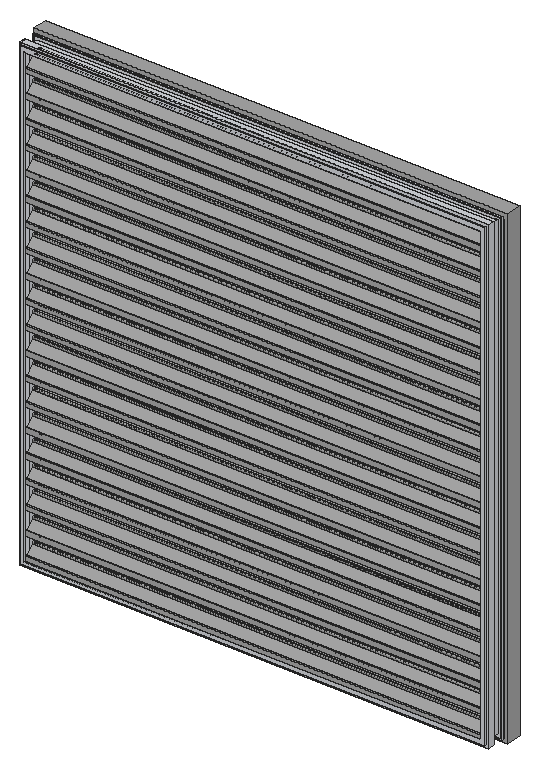
Revit family
Parameters
  Weight = "4 lb/sq.ft."  # constant formula
  Warranty = "All materials and workmanship are warranted for a period of 1 year from date of completion."  # constant formula
  URL = "http://www.industriallouvers.com"
  Surface Finish = "Aluminum, Anodized, or Kynar finish"  # constant formula
  Support Material = Aluminum
  Subcategory = "Thinline"  # constant formula
  Static Pressure Loss = ".15\" of water gage @ an air flow of 1029.5 FPM free area velocity"
  Specifications  URL = "http://www.industriallouvers.com/downloads/Thinline/258_SD.doc"
  Screen Width [instance] = Louver Width - 0' 0 1/2"  # 3' - 11 1/2"
  Screen Material = Screen Material
  Screen Height [instance] = Louver Height - 0' 0 1/2"  # 3' - 11 1/2"
  SMARTBIM URL = "http://www.SMARTBIM.com"
  SMARTBIM Object Version = 3  # constant formula
  SMARTBIM Object Created By = "SMARTBIM, LLC"  # constant formula
  SMARTBIM Contact = "mailto:SMARTBIM@SMARTBIM.com"
  Product Submittal URL = "http://www.industriallouvers.com/downloads/Thinline/258_PS.pdf"
  Product Page URL = "http://www.industriallouvers.com/lv_thin.php"
  Number of Blades [instance] = (Louver Height - 0' 8 5/8") / 0' 6"  # 7
  Model = "258"  # constant formula
  Minimum Height = 0' - 8"  # constant formula
  Maximum Water Penetration = ".01 oz at an air flow of 736.2 FPM"  # constant formula
  Maximum Size - Single Section [instance] = "One dimension not to exceed 78\" or 300 lbs"
  Material = "Aluminum"  # constant formula
  Manufacturer Toll Free Phone = "1-800-328-3421"  # constant formula
  Manufacturer Phone = "763-972-2981"  # constant formula
  Manufacturer Fax = "763-972-2911"  # constant formula
  Manufacturer Email = "mailto:ilinfo@industriallouvers.com"
  Manufacturer Address = "511 S. 7th Street, Delano, MN 55328"  # constant formula
  Manufacturer = "Industrial Louvers, Inc."  # constant formula
  Maintenance = "http://www.industriallouvers.com/prod-forms/Maintenance%20Instructions.pdf"
  Louver Width [instance] = 4' - 0"
  Louver Height [instance] = 4' - 0"
  Installation URL = "http://www.industriallouvers.com/downloads/Thinline/258_II.pdf"
  Height [instance] = if(Louver Height < 1' 6", 1' 6", Louver Height + 0' 0 1/8")  # 4' - 0 1/8"
  Free Area for 48”x48” Louver = "56.3%"  # constant formula
  Free Area (ft²) for 48" x 48" Louver = "9.01"  # constant formula
  Frame Material = Aluminum
  Fill Material = Product Filling
  Description = "Thinline"  # constant formula
  Depth = 0' - 2"  # constant formula
  Default Elevation = 4' - 0"
  Cost Info = "Contact Factory"  # constant formula
  CAD Drawings = "http://www.industriallouvers.com/downloads/Thinline/258_ACD.dwg"
  Blade Width [instance] = Louver Width - 0' 1 1/2"  # 3' - 10 1/2"
  Blade Start Height [instance] = 0' 1" + (((Louver Height - Blade Region Height) / 2) / 2) - 0' 0 5/64"  # -1' - 3 37/64"
  Blade Region Height [instance] = (Blade Count) * 0' 6" - 0' 6"  # 9' - 6"
  Blade Material = Aluminum
  Blade Count [instance] = if(((Louver Height - 0' 5 1/2") / 0' 5") < 2, 2, ((Louver Height - 0' 8 5/8") / 0' 2"))  # 20
  Assembly Code = "B2010300"
  95 CSI = "10200"  # constant formula
  04 CSI = "08 91 00"  # constant formula
Reference planes (in)
  plane 1 "Center (Front/Back)": y = 1
  plane 2: z = 0
  plane 3 "Center (Left/Right)": x = 0
  plane 4: x = -24.2
  plane 5 "Back of Blade": y = 2
  plane 6: z = 1.01953
  plane 7: z = 47.78854
  plane 8: z = 48.47554
  plane 9 "Back of Screen": y = 2.345
  plane 10: y = 2.47
  plane 11: y = 3.845
  plane 12 "Front of Louver": y = 0
  plane 13: z = 24.30027
  plane 14: x = -23.25
  plane 15: y = 0
  plane 16: z = 24.30027
  plane 17: z = 0.25
  plane 18: z = 45.25729
  plane 19: z = 47.55027
  plane 20: x = -24
  plane 21: z = 0.30027
  plane 22: z = 48.30027
  plane 23: x = 24.2
  plane 24: x = 23.25
  plane 25: x = 24
  plane 26: z = 0.30027
Forms (in)
  Sweep 1, solid, material "Aluminum" <- "Support Material"
    path origin (0, 1, 0) x (1, 0, 0) y (0, 0, 1)
      loop
        line (-24.2, 48.47554) -> (-24.2, 0) -> (24.2, 0) -> (24.2, 48.47554) -> (-24.2, 48.47554)
    profile origin (0, 1, 48.47554) x (0, 0, 1) y (0, -1, 0)
      loop
        line (-1.5, -1.345) -> (-1.5, -1.47) -> (-0.125, -1.47) -> (-0.125, -2.845) -> (0, -2.845) -> (0, -1.345) -> (-1.5, -1.345)
  Sweep 2, solid
    path origin (0, 1, 0) x (1, 0, 0) y (0, 0, 1)
      loop
        line (-24, 48.30027) -> (-24, 0.30027) -> (24, 0.30027) -> (24, 48.30027) -> (-24, 48.30027)
    profile origin (0, 1, 48.30027) x (0, 0, 1) y (0, -1, 0)
      loop
        line (-0.57473, -1) -> (-0.07473, -1) -> (-0.07473, -0.875) -> (-0.13773, -0.875) -> (-0.13773, -0.937) -> (-0.51173, -0.937) -> (-0.51173, 0.125) -> (-0.07473, 0.125) -> (-0.07473, 0.75) -> (-0.32473, 0.75) -> (-0.32473, 1) -> (-0.69973, 1) -> (-0.69973, 0.937) -> (-0.38773, 0.937) -> (-0.38773, 0.687) -> (-0.13773, 0.687) -> (-0.13773, 0.188) -> (-0.57473, 0.188) -> (-0.57473, -1)
Dimensions and locks (in)
  plane 6 to level = 0' - 1 5/256"
  locked: plane 11 to plane 9 "Back of Screen" at 1.5
  locked: plane 10 to plane 9 "Back of Screen" at 0.125
  locked: plane 9 "Back of Screen" to plane 5 "Back of Blade" at 0.345
  locked: plane 4 to plane 14 at 0.95
  locked: plane 17 to level at 0.25
  locked: plane 7 to plane 18 at 2.53125
  equal spacing: group 1, group 3, group 4, group 5, group 6, group 7, group 8, group 9, group 10, group 11, group 12, group 13, group 14, group 15, group 16, group 17, group 18, group 19, group 20, group 2  (x3)
  nested 4 to plane 6 = 0' - 2.3508"
  locked: plane 8 to plane 19 at 0.92527
  locked: plane 4 to plane 20 at 0.2
  locked: plane 22 to plane 8 at 0.17527
  locked: plane 21 to plane 6 at 0.71926
  "Louver Height": plane 21 to plane 22
  equal spacing: plane 21, plane 16, plane 22
  locked: plane 23 to plane 24 at 0.95
  locked: plane 23 to plane 25 at 0.2
  equal spacing: plane 20, plane 3 "Center (Left/Right)", plane 25
  "Louver Width": plane 20 to plane 25
  equal spacing: plane 5 "Back of Blade", plane 1 "Center (Front/Back)", plane 15
  "Depth": plane 5 "Back of Blade" to plane 15
  locked: plane 26 to level at 0.30027
  locked: plane 7 to plane 19 at 0.23827
  aligned and locked: Sweep 1 sketch curve to plane 8
  aligned and locked: Sweep 1 sketch curve to level
  aligned and locked: Sweep 1 sketch curve to plane 4
  aligned and locked: Sweep 1 to plane 9 "Back of Screen"
  aligned and locked: nested 1 to plane 9 "Back of Screen"
  aligned and locked: nested 1 to plane 5 "Back of Blade"
  aligned and locked: plane 3 "Center (Left/Right)" to nested 1
  aligned and locked: plane 16 to plane 13
  aligned and locked: plane 17 to nested 1
  aligned and locked: plane 3 "Center (Left/Right)" to nested 2
  aligned and locked: plane 6 to nested 2
  aligned and locked: nested 2 to plane 5 "Back of Blade"
  aligned and locked: nested 3 to plane 5 "Back of Blade"
  aligned and locked: plane 23 to Sweep 1 sketch curve
  aligned and locked: plane 12 "Front of Louver" to plane 15
  aligned and locked: plane 20 to Sweep 2 sketch curve
  aligned and locked: plane 22 to Sweep 2 sketch curve
  aligned and locked: plane 26 to Sweep 2 sketch curve
  aligned and locked: Sweep 2 sketch curve to plane 25
  aligned and locked: plane 7 to nested 3
Automatic sketch dimensions
  profile plane to Sweep 1 sketch curve = 0' - 0"
  Sweep 1 sketch curve to Sweep 1 sketch curve = 0' - 0 1/8"  (x2)
  Sweep 1 sketch curve to Sweep 1 sketch curve = 0' - 1 3/8"  (x2)
  Sweep 1 sketch curve to plane 1 "Center (Front/Back)" = 0' - 2.845"
  profile plane to Sweep 2 sketch curve = 0' - 0.69973"
  profile plane to Sweep 2 sketch curve = 0' - 0.57473"
  Sweep 2 sketch curve to Sweep 2 sketch curve = 0' - 0.063"  (x7)
  Sweep 2 sketch curve to Sweep 2 sketch curve = 0' - 0.312"
  profile plane to Sweep 2 sketch curve = 0' - 0.13773"  (x2)
  profile plane to Sweep 2 sketch curve = 0' - 0.07473"
  Sweep 2 sketch curve to plane 1 "Center (Front/Back)" = 0' - 1"
  Sweep 2 sketch curve to Sweep 2 sketch curve = 0' - 0.062"
  plane 1 "Center (Front/Back)" to Sweep 2 sketch curve = 0' - 0 1/8"
  Sweep 2 sketch curve to Sweep 2 sketch curve = 0' - 0.499"
  Sweep 2 sketch curve to Sweep 2 sketch curve = 0' - 0.187"
Nested families (in)
  nested 1: "Louver Screen" at (18, 2, 0.25), Height <- "Screen Height", Width <- "Screen Width", type "Louver Screen"
    with Width 3' - 11 1/2", Height 3' - 11 1/2", Depth 0' - 0.345"
  nested 2: "Louver-Blade_258_IndustrialLouver" at (0, 2, 1.01953), type "Louver-Blade_258_IndustrialLouver"
  nested 3: "Louver-Blade_258_IndustrialLouver" at (0, 2, 45.68475), type "Louver-Blade_258_IndustrialLouver"
  nested 4: "Louver-Blade_258_IndustrialLouver" at (0, 2, 3.37033), type "Louver-Blade_258_IndustrialLouver"
  nested 5: "Louver-Blade_258_IndustrialLouver" at (0, 2, 5.72113), type "Louver-Blade_258_IndustrialLouver"
  nested 6: "Louver-Blade_258_IndustrialLouver" at (0, 2, 8.07193), type "Louver-Blade_258_IndustrialLouver"
  nested 7: "Louver-Blade_258_IndustrialLouver" at (0, 2, 10.42273), type "Louver-Blade_258_IndustrialLouver"
  nested 8: "Louver-Blade_258_IndustrialLouver" at (0, 2, 12.77354), type "Louver-Blade_258_IndustrialLouver"
  nested 9: "Louver-Blade_258_IndustrialLouver" at (0, 2, 15.12434), type "Louver-Blade_258_IndustrialLouver"
  nested 10: "Louver-Blade_258_IndustrialLouver" at (0, 2, 17.47514), type "Louver-Blade_258_IndustrialLouver"
  nested 11: "Louver-Blade_258_IndustrialLouver" at (0, 2, 19.82594), type "Louver-Blade_258_IndustrialLouver"
  nested 12: "Louver-Blade_258_IndustrialLouver" at (0, 2, 22.17674), type "Louver-Blade_258_IndustrialLouver"
  nested 13: "Louver-Blade_258_IndustrialLouver" at (0, 2, 24.52754), type "Louver-Blade_258_IndustrialLouver"
  nested 14: "Louver-Blade_258_IndustrialLouver" at (0, 2, 26.87834), type "Louver-Blade_258_IndustrialLouver"
  nested 15: "Louver-Blade_258_IndustrialLouver" at (0, 2, 29.22915), type "Louver-Blade_258_IndustrialLouver"
  nested 16: "Louver-Blade_258_IndustrialLouver" at (0, 2, 31.57995), type "Louver-Blade_258_IndustrialLouver"
  nested 17: "Louver-Blade_258_IndustrialLouver" at (0, 2, 33.93075), type "Louver-Blade_258_IndustrialLouver"
  nested 18: "Louver-Blade_258_IndustrialLouver" at (0, 2, 36.28155), type "Louver-Blade_258_IndustrialLouver"
  nested 19: "Louver-Blade_258_IndustrialLouver" at (0, 2, 38.63235), type "Louver-Blade_258_IndustrialLouver"
  nested 20: "Louver-Blade_258_IndustrialLouver" at (0, 2, 40.98315), type "Louver-Blade_258_IndustrialLouver"
  nested 21: "Louver-Blade_258_IndustrialLouver" at (0, 2, 43.33395), type "Louver-Blade_258_IndustrialLouver"
Connectors (in)
  hvac at (0, 2.47, 24.23777), driven by "Louver Width", driven by "Louver Height"
    settings: on Sweep 1, index 1, duct flow 0 CFM, flow factor 0, pres drop 0.00 in-wg, loss coef 0, conn angle 0.00°, conn width 48", conn height 48", conn radius 12", duct sys type 1, conn prof type 1, flow config 0, flow direction 0, loss method 0, conn ref index -1, conn util no, is conn primary yes, conn desc ""
Definition of nested family "Louver Screen"
  Parameters (values of type "Louver Screen")
    Width [instance] = 5' - 0"
    Screen Frame = Aluminum
    Screen = Screen Material
    Height [instance] = 2' - 0"
    Depth [instance] = 0' - 0 115/256"
  Reference planes (in)
    plane 1 "Front": y = 0
    plane 2: z = 0
    plane 3 "Center (Left/Right)": x = -18
    plane 4: x = -48
    plane 5: x = 12
    plane 6: z = 24
    plane 7: x = -47.25
    plane 8: x = 11.25
    plane 9: z = 23.25
    plane 10: z = 0.75
    plane 11 "Back": y = 0.44922
    plane 12 "Center (Front/Back)": y = 0.22461
    plane 13: y = 0.19336
    plane 14: y = 0.25586
  Forms (in)
    Sweep 1, solid, material "Aluminum" <- "Screen Frame"
      path origin (0, 0, 0) x (1, 0, 0) y (0, 0, 1)
        loop
          line (-48, 24) -> (-48, 0) -> (12, 0) -> (12, 24) -> (-48, 24)
      profile origin (-18, 0, 24) x (0, 0, 1) y (0, -1, 0)
        loop
          line (0, 0) -> (-0.75, 0) -> (-0.75, -0.44922) -> (0, -0.44922) -> (0, 0)
    Extrusion 2, solid, material "Screen Material" <- "Screen"
      sketch origin (0, 0, 0) x (1, 0, 0) y (0, 0, 1)
        loop
          line (-47.25, 0.75) -> (11.25, 0.75) -> (11.25, 23.25) -> (-47.25, 23.25) -> (-47.25, 0.75)
      from -0.19336 to -0.25586
  Dimensions and locks (in)
    equal spacing: plane 4, plane 3 "Center (Left/Right)", plane 5
    "Width": plane 4 to plane 5
    "Height": plane 6 to level
    locked: Sweep 1 sketch curve to Sweep 1 sketch curve at 0.75
    locked: plane 6 to plane 9 at 0.75
    locked: plane 4 to plane 7 at 0.75
    locked: plane 5 to plane 8 at 0.75
    locked: plane 10 to level at 0.75
    "Depth": plane 1 "Front" to plane 11 "Back"
    equal spacing: plane 1 "Front", plane 12 "Center (Front/Back)", plane 11 "Back"
    plane 14 to plane 12 "Center (Front/Back)" to plane 13 = 0' - 0 1/32" locked, 0' - 0 1/32" locked
    aligned and locked: Sweep 1 sketch curve to plane 6
    aligned and locked: Sweep 1 sketch curve to plane 4
    aligned and locked: Sweep 1 sketch curve to level
    aligned and locked: Sweep 1 sketch curve to plane 5
    aligned and locked: Extrusion 2 sketch curve to plane 7
    aligned and locked: Extrusion 2 sketch curve to plane 9
    aligned and locked: Extrusion 2 sketch curve to plane 10
    aligned and locked: Extrusion 2 sketch curve to plane 8
    aligned and locked: plane 11 "Back" to Sweep 1
    aligned and locked: plane 1 "Front" to Sweep 1 sketch curve
    aligned and locked: plane 11 "Back" to Sweep 1 sketch curve
    aligned and locked: plane 14 to Extrusion 2
    aligned and locked: Extrusion 2 to plane 13
  Automatic sketch dimensions
    profile plane to Sweep 1 sketch curve = 0' - 0"
Definition of nested family "Louver-Blade_258_IndustrialLouver"
  Parameters (values of type "Louver-Blade_258_IndustrialLouver")
    Width = 3' - 10 1/2"
    Fill Material = Product Filling
    Blade Material = Aluminum
    Assembly Code = ""
  Reference planes (in)
    plane 1 "Center (Front/Back)": y = 0
    plane 2: z = 0
    plane 3 "Center (Left/Right)": x = 0
    plane 4: x = -23.25
    plane 5: x = 23.25
    plane 6: z = 2.10379
    plane 7: z = 1.05189
  Forms (in)
    Extrusion 1, solid, material "Aluminum" <- "Blade Material"
      sketch origin (0, 0, 0.11613) x (0, 1, 0) y (0, 0, 1)
        loop
          arc (-0.86595, 0.93371) -> (-0.84193, 0.92571) -> (-0.81685, 0.92228) r 0.1365
          arc (-0.81685, 0.92228) -> (-0.78403, 0.9524) -> (-0.81415, 0.98522) r 0.0315
          arc (-0.81415, 0.98522) -> (-0.86297, 1.11063) -> (-0.73757, 1.06181) r 0.0735
          arc (-0.73757, 1.06181) -> (-0.70475, 1.03169) -> (-0.67463, 1.06451) r 0.0315
          arc (-0.67463, 1.06451) -> (-0.67805, 1.08959) -> (-0.68605, 1.11361) r 0.1365
          line (-0.68605, 1.11361) -> (-0.44731, 1.35234)
          arc (-0.44731, 1.35234) -> (-0.40179, 1.27713) -> (-0.31985, 1.24528) r 0.1365
          arc (-0.31985, 1.24528) -> (-0.28703, 1.2754) -> (-0.31715, 1.30822) r 0.0315
          arc (-0.31715, 1.30822) -> (-0.36597, 1.43363) -> (-0.24057, 1.38481) r 0.0735
          arc (-0.24057, 1.38481) -> (-0.20775, 1.35469) -> (-0.17763, 1.38751) r 0.0315
          arc (-0.17763, 1.38751) -> (-0.20948, 1.46945) -> (-0.28469, 1.51497) r 0.1365
          line (-0.28469, 1.51497) -> (-0.063, 1.73666) -> (-0.063, 1.36266) -> (0, 1.36266) -> (0, 1.98766) -> (-0.23132, 1.75633) -> (-0.13242, 1.75633) -> (-0.7245, 1.16425)
          arc (-0.7245, 1.16425) -> (-0.90752, 1.15518) -> (-0.91659, 0.97216) r 0.1365
          line (-0.91659, 0.97216) -> (-1.874, 0.01475) -> (-1.874, 0.28651) -> (-1.79786, 0.36266) -> (-1.937, 0.36266) -> (-1.937, -0.13734) -> (-0.86595, 0.93371)
      from -23.25 to 23.25
  Dimensions and locks (in)
    equal spacing: plane 4, plane 3 "Center (Left/Right)", plane 5
    "Width": plane 4 to plane 5
    equal spacing: plane 6, plane 7, level
    locked: plane 6 to level at 2.10379
    aligned and locked: Extrusion 1 to plane 4
    aligned and locked: plane 5 to Extrusion 1
  Automatic sketch dimensions
    plane 1 "Center (Front/Back)" to Extrusion 1 sketch curve = 0' - 0.86595"
    Extrusion 1 sketch curve to Extrusion 1 sketch curve = 0' - 0"  (x25)
    level to Extrusion 1 sketch curve = 0' - 0.40264"
    level to Extrusion 1 sketch curve = 0' - 0.13088"
    Extrusion 1 sketch curve to Extrusion 1 sketch curve = 0' - 0.07614"
    level to Extrusion 1 sketch curve = 0' - 0.47879"
    Extrusion 1 sketch curve to Extrusion 1 sketch curve = 0' - 0.05064"
    Extrusion 1 sketch curve to Extrusion 1 sketch curve = 0' - 0.00135"  (x3)
    Extrusion 1 sketch curve to Extrusion 1 sketch curve = 0' - 0.00315"  (x2)
    Extrusion 1 sketch curve to Extrusion 1 sketch curve = 0' - 0.07343"  (x2)
    Extrusion 1 sketch curve to Extrusion 1 sketch curve = 0' - 0.01307"
    Extrusion 1 sketch curve to Extrusion 1 sketch curve = 0' - 0.01142"  (x2)
    Extrusion 1 sketch curve to Extrusion 1 sketch curve = 0' - 0.03147"  (x5)
    Extrusion 1 sketch curve to Extrusion 1 sketch curve = 0' - 0.03845"
    Extrusion 1 sketch curve to Extrusion 1 sketch curve = 0' - 0.27719"
    Extrusion 1 sketch curve to Extrusion 1 sketch curve = 0' - 0.12746"
    Extrusion 1 sketch curve to Extrusion 1 sketch curve = 0' - 0.02931"
    Extrusion 1 sketch curve to Extrusion 1 sketch curve = 0' - 0.13167"
    Extrusion 1 sketch curve to plane 1 "Center (Front/Back)" = 0' - 0"
    Extrusion 1 sketch curve to Extrusion 1 sketch curve = 0' - 0.0989"
    Extrusion 1 sketch curve to Extrusion 1 sketch curve = 0' - 0.06942"
    Extrusion 1 sketch curve to Extrusion 1 sketch curve = 0' - 0.063"  (x2)
    Extrusion 1 sketch curve to Extrusion 1 sketch curve = 0' - 0.02485"
    Extrusion 1 sketch curve to Extrusion 1 sketch curve = 0' - 0.374"
    Extrusion 1 sketch curve to Extrusion 1 sketch curve = 0' - 0.23132"
    Extrusion 1 sketch curve to level = 0' - 0.02121"
    Extrusion 1 sketch curve to Extrusion 1 sketch curve = 0' - 0.88126"
    level to Extrusion 1 sketch curve = 0' - 1.03841"
    Extrusion 1 sketch curve to Extrusion 1 sketch curve = 0' - 0.01968"
